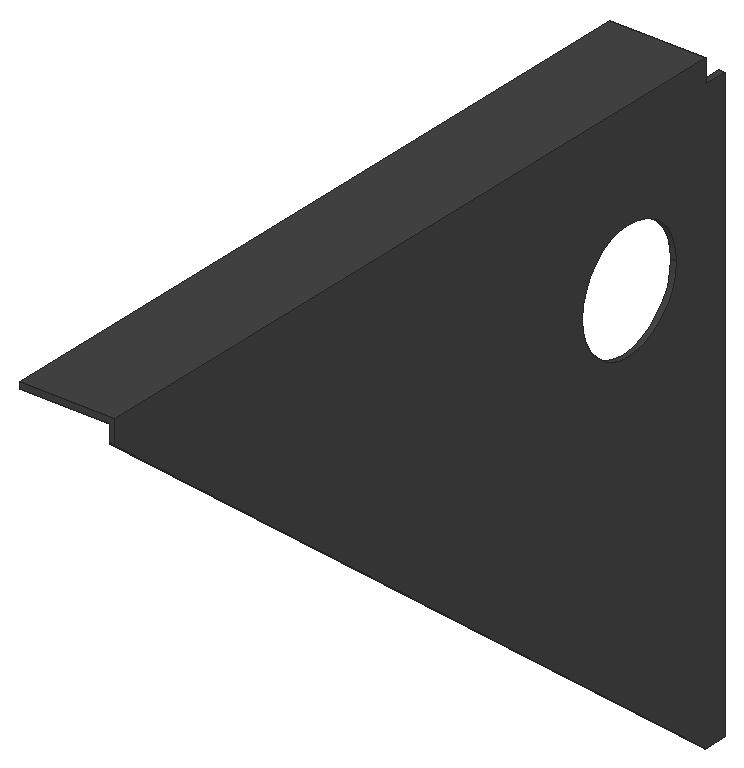
Revit family "M_Sistema de mobiliário-hardware-suporte", category Sistema de mobiliário, Revit 2019
Family settings
  Cota do conector redondo = Utilizar diâmetro
  Tipo de parte = Normal
  Número OmniClass = 23.40.70.14.64.21
  Título OmniClass = Systems Furniture
  Com base no plano de trabalho = Não
  Sempre na vertical = Sim
  Corte com vazios quando carregada = Não
  Compartilhado = Sim
  Ponto de cálculo do ambiente = Não
Parameters (values of type "400 x 330mm")
  Comentários de tipos = "Hardware de suporte de 400 x 330 mm"
  Dois lados [instance] = no
  Material de arandela [instance] = Metal – Pintado de preto
  Assembly Code = ""
Reference planes
  plane 1 "Centro (Frente/Trás)": y = 0
  plane 2: z = 0
  plane 3 "Centro (Esquerda/Direita)": x = 0
  plane 4: y = -406.4
  plane 5 "Esquerda": x = -50.8
  plane 6 "Direita": x = 50.8
  plane 7: x = -3.175
  plane 8: x = 3.175
  plane 9 "Inferior": z = -330.2
Forms (mm)
  Extrusion 1, solid, material "Metal – Pintado de preto" <- "Material de arandela"
    sketch origin (0, 0, 0) x (0, 1, 0) y (0, 0, 1)
      loop
        line (0, -330.2) -> (0, -12.7) -> (-12.7, -12.7) -> (-12.7, 0) -> (-406.4, 0) -> (-406.4, -12.7) -> (-12.7, -330.2) -> (0, -330.2)
      loop
        circle (-63.5, -88.9) r 31.75
    from -3.175 to 0
  Extrusion 2, solid, material "Metal – Pintado de preto" <- "Material de arandela"
    sketch origin (0, 0, 0) x (1, 0, 0) y (0, 0, 1)
      loop
        line (-50.8, 0) -> (-50.8, -3.175) -> (-3.175, -3.175) -> (-3.175, 0) -> (-50.8, 0)
    from 12.7 to 406.4
  Extrusion 3, solid, material "Metal – Pintado de preto" <- "Material de arandela", visible <- "Dois lados"
    sketch origin (0, 0, 0) x (-1, 0, 0) y (0, 0, -1)
      loop
        line (-50.8, 0) -> (-3.175, 0) -> (-3.175, 3.175) -> (-50.8, 3.175) -> (-50.8, 0)
    from 12.7 to 406.4
  Extrusion 4, solid, material "Metal – Pintado de preto" <- "Material de arandela", visible <- "Dois lados"
    sketch origin (0, 0, 0) x (0, 1, 0) y (0, 0, 1)
      loop
        line (-406.4, 0) -> (-406.4, -12.7) -> (-359.156, -50.8) -> (-12.7, -50.8) -> (-12.7, 0) -> (-406.4, 0)
    from 0 to 3.175
Cuts and joins
  joined: Extrusion 1, Extrusion 2
  joined: Extrusion 3, Extrusion 4
Dimensions and locks
  locked: plane 5 "Esquerda" to plane 3 "Centro (Esquerda/Direita)" at 50.8
  locked: plane 3 "Centro (Esquerda/Direita)" to plane 6 "Direita" at 50.8
  plane 7 to plane 3 "Centro (Esquerda/Direita)" to plane 8 = 3.175 mm locked, 3.175 mm locked
  locked: plane 2 to plane 9 "Inferior" at 330.2
  locked: plane 4 to plane 1 "Centro (Frente/Trás)" at 406.4
  locked: plane 2 to Extrusion 1 sketch curve at 12.7  (x2)
  locked: plane 1 "Centro (Frente/Trás)" to Extrusion 1 sketch curve at 12.7  (x2)
  locked: plane 1 "Centro (Frente/Trás)" to Extrusion 1 sketch curve at 63.5
  locked: plane 2 to Extrusion 1 sketch curve at 88.9
  locked: plane 2 to Extrusion 2 sketch curve at 3.175
  locked: plane 2 to Extrusion 3 sketch curve at 3.175
  locked: Extrusion 4 sketch curve to plane 1 "Centro (Frente/Trás)" at 12.7
  locked: plane 2 to Extrusion 4 sketch curve at 50.8
  aligned and locked: Extrusion 1 sketch curve to plane 2
  aligned and locked: plane 1 "Centro (Frente/Trás)" to Extrusion 1 sketch curve
  aligned and locked: Extrusion 1 sketch curve to plane 4
  aligned and locked: Extrusion 1 sketch curve to plane 9 "Inferior"
  aligned and locked: plane 3 "Centro (Esquerda/Direita)" to Extrusion 1
  aligned and locked: plane 7 to Extrusion 1
  aligned and locked: Extrusion 2 sketch curve to plane 5 "Esquerda"
  aligned and locked: Extrusion 2 sketch curve to plane 2
  aligned and locked: plane 7 to Extrusion 2 sketch curve
  aligned and locked: Extrusion 2 to plane 4
  aligned and locked: Extrusion 1 to Extrusion 2
  aligned and locked: Extrusion 3 to plane 6 "Direita"
  aligned and locked: Extrusion 3 to cut or joined group of Extrusion 1, Extrusion 2
  aligned and locked: Extrusion 3 to plane 4
  aligned and locked: Extrusion 4 sketch curve to plane 2
  aligned and locked: plane 4 to Extrusion 4 sketch curve
  aligned and locked: Extrusion 4 to plane 3 "Centro (Esquerda/Direita)"
  aligned and locked: Extrusion 4 to plane 8
